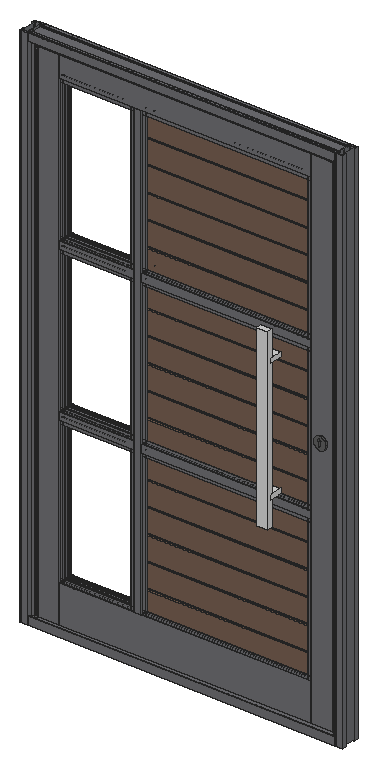
Revit family "Y1321P Y6 CH K LH", category Doors, host Wall, Revit 2024
Family settings
  Host = Wall
  OmniClass Number = 23.30.10.00
  OmniClass Title = Doors
  Always vertical = Yes
  Cut with Voids When Loaded = No
  Shared = No
  Room Calculation Point = No
Parameters
  Function = Interior
  Frame Projection Ext. = 25 mm
  Frame Projection Int. = 25 mm
  Frame Width = 75 mm
  Height = 2120 mm
  Wall Closure = By host
  Width = 1290 mm
  Analytic Construction = "<None>"
Reference planes
  plane 1: y = 0
  plane 2 "Center (Left/Right)": x = 0
  plane 3 "Left": x = -645
  plane 4 "Right": x = 645
  plane 5: z = 2120
  plane 6 "Exterior": y = 75
  plane 7 "Interior": y = -75
Forms (mm)
  Sweep 1, solid, material "ALUMINIUM CHAR (TEST)"
    path origin (0, 75, 0) x (-1, 0, 0) y (0, 0, -1)
      loop
        line (-601.2, -30) -> (-601.2, -2075) -> (600, -2075) -> (600, -30)
    profile origin (0.6, 75, 2075) x (0, 0, -1) y (0, -1, 0)
      loop
        line (-15, 55) -> (-15, 53) -> (0.5, 53)
        arc (0.5, 53) -> (1.207, 53.293) -> (1.5, 54) r 1
        line (1.5, 54) -> (1.5, 56.1) -> (0.5, 56.1) -> (0.5, 55) -> (-1, 55) -> (-1, 59.5) -> (0.5, 59.5) -> (0.5, 58.369) -> (1.5, 58.369) -> (1.5, 91.631) -> (0.5, 91.631) -> (0.5, 90.5) -> (-1, 90.5) -> (-1, 95) -> (0.5, 95) -> (0.5, 93.9) -> (1.5, 93.9) -> (1.5, 96)
        arc (1.5, 96) -> (1.207, 96.707) -> (0.5, 97) r 1
        line (0.5, 97) -> (-15, 97) -> (-15, 95) -> (-2.8, 95) -> (-2.8, 88.5) -> (-0.5, 88.5) -> (-0.5, 61.5) -> (-2.8, 61.5) -> (-2.8, 55) -> (-15, 55)
  Extrusion 2, solid, material "ALUMINIUM CHAR (TEST)"
    sketch origin (0, 0, 0) x (0, 1, 0) y (0, 0, -1)
      loop
        line (37.5, -2120) -> (37.5, -2090) -> (7.651, -2090) -> (-4.189, -2090) -> (-37.5, -2090) -> (-37.5, -2120) -> (-22, -2120) -> (-22, -2118.5) -> (-24.5, -2118.5) -> (-24.5, -2115.5) -> (24.5, -2115.5) -> (24.5, -2118.5) -> (22, -2118.5) -> (22, -2120) -> (37.5, -2120)
      loop
        line (32.168, -2118.2) -> (35.6, -2118.2) -> (35.6, -2091.8) -> (32.168, -2091.8) -> (30.896, -2093.072) -> (29.5, -2091.676) -> (28, -2093.176) -> (26.624, -2091.8) -> (-19.438, -2091.8) -> (-26.624, -2091.8) -> (-28, -2093.176) -> (-29.5, -2091.676) -> (-30.896, -2093.072) -> (-32.168, -2091.8) -> (-35.6, -2091.8) -> (-35.6, -2118.2) -> (-32.168, -2118.2) -> (-30.896, -2116.928) -> (-29.5, -2118.324) -> (-28, -2116.824) -> (-26.3, -2118.524) -> (-26.3, -2115.8)
        arc (-26.3, -2115.8) -> (-25.685, -2114.315) -> (-24.2, -2113.7) r 2.1
        line (-24.2, -2113.7) -> (24.2, -2113.7)
        arc (24.2, -2113.7) -> (25.685, -2114.315) -> (26.3, -2115.8) r 2.1
        line (26.3, -2115.8) -> (26.3, -2118.524) -> (28, -2116.824) -> (29.5, -2118.324) -> (30.896, -2116.928) -> (32.168, -2118.2)
      loop
        line (37.5, 0) -> (22, 0) -> (22, -1.5) -> (24.5, -1.5) -> (24.5, -4.5) -> (-24.5, -4.5) -> (-24.5, -1.5) -> (-22, -1.5) -> (-22, 0) -> (-37.5, 0) -> (-37.5, -30) -> (-4.189, -30) -> (7.651, -30) -> (37.5, -30) -> (37.5, 0)
      loop
        line (32.168, -1.8) -> (30.896, -3.072) -> (29.5, -1.676) -> (28, -3.176) -> (26.3, -1.476) -> (26.3, -4.2)
        arc (26.3, -4.2) -> (25.685, -5.685) -> (24.2, -6.3) r 2.1
        line (24.2, -6.3) -> (-24.2, -6.3)
        arc (-24.2, -6.3) -> (-25.685, -5.685) -> (-26.3, -4.2) r 2.1
        line (-26.3, -4.2) -> (-26.3, -1.476) -> (-28, -3.176) -> (-29.5, -1.676) -> (-30.896, -3.072) -> (-32.168, -1.8) -> (-35.6, -1.8) -> (-35.6, -28.2) -> (-32.168, -28.2) -> (-30.896, -26.928) -> (-29.5, -28.324) -> (-28, -26.824) -> (-26.624, -28.2) -> (-19.438, -28.2) -> (26.624, -28.2) -> (28, -26.824) -> (29.5, -28.324) -> (30.896, -26.928) -> (32.168, -28.2) -> (35.6, -28.2) -> (35.6, -1.8) -> (32.168, -1.8)
    from -615 to 615
  Extrusion 3, solid, material "ALUMINIUM CHAR (TEST)"
    sketch origin (0, 0, 30) x (-1, 0, 0) y (0, -1, 0)
      loop
        line (598.5, -21) -> (598.5, 23.179)
        arc (598.5, 23.179) -> (598.26, 23.76) -> (597.679, 24) r 0.821
        line (597.679, 24) -> (584.5, 24)
        arc (584.5, 24) -> (583.5, 23) -> (584.5, 22) r 1
        line (584.5, 22) -> (595.679, 22)
        arc (595.679, 22) -> (596.26, 21.76) -> (596.5, 21.179) r 0.821
        line (596.5, 21.179) -> (596.5, -21)
        arc (596.5, -21) -> (597.5, -22) -> (598.5, -21) r 1
      loop
        line (-599.7, 21) -> (-599.7, -23.179)
        arc (-599.7, -23.179) -> (-599.459, -23.76) -> (-598.879, -24) r 0.821
        line (-598.879, -24) -> (-585.7, -24)
        arc (-585.7, -24) -> (-584.7, -23) -> (-585.7, -22) r 1
        line (-585.7, -22) -> (-596.879, -22)
        arc (-596.879, -22) -> (-597.459, -21.76) -> (-597.7, -21.179) r 0.821
        line (-597.7, -21.179) -> (-597.7, 21)
        arc (-597.7, 21) -> (-598.7, 22) -> (-599.7, 21) r 1
    from 0 to 2043.5
  Extrusion 4, solid, material "ALUMINIUM CHAR (TEST)"
    sketch origin (0, 0, 0) x (0, -1, 0) y (-1, 0, 0)
      loop
        line (-37.5, -645) -> (-22, -645) -> (-22, -643.5) -> (-24.5, -643.5) -> (-24.5, -640.5) -> (24.5, -640.5) -> (24.5, -643.5) -> (22, -643.5) -> (22, -645) -> (37.5, -645) -> (37.5, -615) -> (17, -615) -> (17, -615.993) -> (18.496, -616.394) -> (18.496, -617.6) -> (0.254, -617.6) -> (0.254, -616.306) -> (3, -616.066) -> (3, -615) -> (-37.5, -615) -> (-37.5, -645)
      loop
        line (-26.624, -616.8) -> (-28, -618.176) -> (-29.5, -616.676) -> (-30.896, -618.072) -> (-32.168, -616.8) -> (-35.6, -616.8) -> (-35.6, -643.2) -> (-32.168, -643.2) -> (-30.896, -641.928) -> (-29.5, -643.324) -> (-28, -641.824) -> (-26.3, -643.524) -> (-26.3, -640.8)
        arc (-26.3, -640.8) -> (-25.685, -639.315) -> (-24.2, -638.7) r 2.1
        line (-24.2, -638.7) -> (24.2, -638.7)
        arc (24.2, -638.7) -> (25.685, -639.315) -> (26.3, -640.8) r 2.1
        line (26.3, -640.8) -> (26.3, -643.524) -> (28, -641.824) -> (29.5, -643.324) -> (30.896, -641.928) -> (32.168, -643.2) -> (35.6, -643.2) -> (35.6, -616.8) -> (32.168, -616.8) -> (30.896, -618.072) -> (29.5, -616.676) -> (28, -618.176) -> (26.624, -616.8) -> (20.239, -616.8)
        arc (20.239, -616.8) -> (19.852, -618.596) -> (18.2, -619.4) r 2.1
        line (18.2, -619.4) -> (0.55, -619.4)
        arc (0.55, -619.4) -> (-1.102, -618.596) -> (-1.49, -616.8) r 2.1
        line (-1.49, -616.8) -> (-26.624, -616.8)
      loop
        line (-37.5, 645) -> (-37.5, 615) -> (3, 615) -> (3, 616.066) -> (0.254, 616.306) -> (0.254, 617.6) -> (18.496, 617.6) -> (18.496, 616.394) -> (17, 615.993) -> (17, 615) -> (37.5, 615) -> (37.5, 645) -> (22, 645) -> (22, 643.5) -> (24.5, 643.5) -> (24.5, 640.5) -> (-24.5, 640.5) -> (-24.5, 643.5) -> (-22, 643.5) -> (-22, 645) -> (-37.5, 645)
      loop
        line (-26.624, 616.8) -> (-1.49, 616.8)
        arc (-1.49, 616.8) -> (-1.102, 618.596) -> (0.55, 619.4) r 2.1
        line (0.55, 619.4) -> (18.2, 619.4)
        arc (18.2, 619.4) -> (19.852, 618.596) -> (20.239, 616.8) r 2.1
        line (20.239, 616.8) -> (26.624, 616.8) -> (28, 618.176) -> (29.5, 616.676) -> (30.896, 618.072) -> (32.168, 616.8) -> (35.6, 616.8) -> (35.6, 643.2) -> (32.168, 643.2) -> (30.896, 641.928) -> (29.5, 643.324) -> (28, 641.824) -> (26.3, 643.524) -> (26.3, 640.8)
        arc (26.3, 640.8) -> (25.685, 639.315) -> (24.2, 638.7) r 2.1
        line (24.2, 638.7) -> (-24.2, 638.7)
        arc (-24.2, 638.7) -> (-25.685, 639.315) -> (-26.3, 640.8) r 2.1
        line (-26.3, 640.8) -> (-26.3, 643.524) -> (-28, 641.824) -> (-29.5, 643.324) -> (-30.896, 641.928) -> (-32.168, 643.2) -> (-35.6, 643.2) -> (-35.6, 616.8) -> (-32.168, 616.8) -> (-30.896, 618.072) -> (-29.5, 616.676) -> (-28, 618.176) -> (-26.624, 616.8)
    from -2120 to 0
  Extrusion 5, solid, material "ALUMINIUM CHAR (TEST)"
    sketch origin (0, 0, -6.5) x (1, 0, 0) y (0, 1, 0)
      loop
        line (503.5, 22) -> (503.5, 12) -> (504.475, 12) -> (504.606, 13.5) -> (506.1, 13.5) -> (506.1, 6.618) -> (506.1, -5) -> (504.737, -5) -> (504.475, -2) -> (503.5, -2) -> (503.5, -15.2) -> (492.893, -15.2) -> (492.2, -15.6) -> (489.7, -15.6) -> (489.7, -14) -> (488.5, -14) -> (488.5, -17) -> (503.5, -17) -> (503.5, -22) -> (591.7, -22)
        arc (591.7, -22) -> (592.973, -21.473) -> (593.5, -20.2) r 1.8
        line (593.5, -20.2) -> (593.5, -19.4)
        arc (593.5, -19.4) -> (593, -18.9) -> (592.5, -19.4) r 0.5
        line (592.5, -19.4) -> (592.5, -20.4) -> (591, -20.4) -> (591, -12.8) -> (592.5, -12.8) -> (592.5, -13.8)
        arc (592.5, -13.8) -> (593, -14.3) -> (593.5, -13.8) r 0.5
        line (593.5, -13.8) -> (593.5, 13.8)
        arc (593.5, 13.8) -> (593, 14.3) -> (592.5, 13.8) r 0.5
        line (592.5, 13.8) -> (592.5, 12.8) -> (591, 12.8) -> (591, 20.4) -> (592.5, 20.4) -> (592.5, 19.4)
        arc (592.5, 19.4) -> (593, 18.9) -> (593.5, 19.4) r 0.5
        line (593.5, 19.4) -> (593.5, 20.2)
        arc (593.5, 20.2) -> (592.973, 21.473) -> (591.7, 22) r 1.8
        line (591.7, 22) -> (503.5, 22)
      loop
        line (589.2, 20.2) -> (505.3, 20.2) -> (505.3, 15.3) -> (506.5, 15.3)
        arc (506.5, 15.3) -> (507.49, 14.89) -> (507.9, 13.9) r 1.4
        line (507.9, 13.9) -> (507.9, -5.4)
        arc (507.9, -5.4) -> (507.49, -6.39) -> (506.5, -6.8) r 1.4
        line (506.5, -6.8) -> (505.3, -6.8) -> (505.3, -17.092) -> (505.3, -20.2) -> (589.2, -20.2) -> (589.2, -12.2)
        arc (589.2, -12.2) -> (589.493, -11.493) -> (590.2, -11.2) r 1
        line (590.2, -11.2) -> (591.5, -11.2) -> (591.5, 11.2) -> (590.2, 11.2)
        arc (590.2, 11.2) -> (589.493, 11.493) -> (589.2, 12.2) r 1
        line (589.2, 12.2) -> (589.2, 20.2)
      loop
        line (-503.5, 22) -> (-591.7, 22)
        arc (-591.7, 22) -> (-592.973, 21.473) -> (-593.5, 20.2) r 1.8
        line (-593.5, 20.2) -> (-593.5, 19.4)
        arc (-593.5, 19.4) -> (-593, 18.9) -> (-592.5, 19.4) r 0.5
        line (-592.5, 19.4) -> (-592.5, 20.4) -> (-591, 20.4) -> (-591, 12.8) -> (-592.5, 12.8) -> (-592.5, 13.8)
        arc (-592.5, 13.8) -> (-593, 14.3) -> (-593.5, 13.8) r 0.5
        line (-593.5, 13.8) -> (-593.5, -13.8)
        arc (-593.5, -13.8) -> (-593, -14.3) -> (-592.5, -13.8) r 0.5
        line (-592.5, -13.8) -> (-592.5, -12.8) -> (-591, -12.8) -> (-591, -20.4) -> (-592.5, -20.4) -> (-592.5, -19.4)
        arc (-592.5, -19.4) -> (-593, -18.9) -> (-593.5, -19.4) r 0.5
        line (-593.5, -19.4) -> (-593.5, -20.2)
        arc (-593.5, -20.2) -> (-592.973, -21.473) -> (-591.7, -22) r 1.8
        line (-591.7, -22) -> (-503.5, -22) -> (-503.5, -17) -> (-488.5, -17) -> (-488.5, -14) -> (-489.7, -14) -> (-489.7, -15.6) -> (-492.2, -15.6) -> (-492.893, -15.2) -> (-503.5, -15.2) -> (-503.5, -2) -> (-504.475, -2) -> (-504.737, -5) -> (-506.1, -5) -> (-506.1, 7.077) -> (-506.1, 13.5) -> (-504.606, 13.5) -> (-504.475, 12) -> (-503.5, 12) -> (-503.5, 22)
      loop
        line (-589.2, 20.2) -> (-589.2, 12.2)
        arc (-589.2, 12.2) -> (-589.493, 11.493) -> (-590.2, 11.2) r 1
        line (-590.2, 11.2) -> (-591.5, 11.2) -> (-591.5, -11.2) -> (-590.2, -11.2)
        arc (-590.2, -11.2) -> (-589.493, -11.493) -> (-589.2, -12.2) r 1
        line (-589.2, -12.2) -> (-589.2, -20.2) -> (-505.3, -20.2) -> (-505.3, -17.092) -> (-505.3, -6.8) -> (-506.5, -6.8)
        arc (-506.5, -6.8) -> (-507.49, -6.39) -> (-507.9, -5.4) r 1.4
        line (-507.9, -5.4) -> (-507.9, 13.9)
        arc (-507.9, 13.9) -> (-507.49, 14.89) -> (-506.5, 15.3) r 1.4
        line (-506.5, 15.3) -> (-505.3, 15.3) -> (-505.3, 20.2) -> (-589.2, 20.2)
    from 40 to 2080
  Sweep 6, solid, material "ALUMINIUM CHAR (TEST)"
    path origin (0, 75, -6.5) x (1, 0, 0) y (0, 0, 1)
      loop
        line (503.5, 1996.1) -> (-173.5, 1996.1) -> (-173.5, 1413.6) -> (503.5, 1413.6) -> (503.5, 1996.1)
    profile origin (165, 75, 1989.6) x (0, 0, -1) y (0, -1, 0)
      loop
        arc (0, 53.6) -> (0.176, 53.176) -> (0.6, 53) r 0.6
        line (0.6, 53) -> (14.8, 53)
        arc (14.8, 53) -> (15.224, 53.176) -> (15.4, 53.6) r 0.6
        line (15.4, 53.6) -> (15.4, 57.5)
        arc (15.4, 57.5) -> (14.9, 58) -> (14.4, 57.5) r 0.5
        line (14.4, 57.5) -> (14.4, 55) -> (13, 55) -> (12.4, 58) -> (10.4, 58) -> (10.4, 57) -> (11.4, 57) -> (11.8, 55) -> (7.5, 55) -> (7.9, 57) -> (8.9, 57) -> (8.9, 58) -> (6.9, 58) -> (6.3, 55) -> (1.9, 55) -> (1.9, 65) -> (-0.6, 65) -> (-0.6, 75.5) -> (-1.6, 75.5) -> (-1.6, 79)
        arc (-1.6, 79) -> (-2.1, 79.5) -> (-2.6, 79) r 0.5
        line (-2.6, 79) -> (-2.6, 63)
        arc (-2.6, 63) -> (-1.85, 62.492) -> (-1.1, 63) r 0.808
        line (-1.1, 63) -> (0, 63) -> (0, 53.6)
  Extrusion 7, solid, material "ALUMINIUM BLACK (TEST)"
    sketch origin (-350.722, 27.873, -83.123) x (-1, 0, 0) y (0, 0, -1)
      loop
        circle (-896.954, -1135.623) r 25
    from 0 to 5
  Extrusion 8, solid, material "ALUMINIUM BLACK (TEST)"
    sketch origin (-350.722, -27.873, -83.123) x (-1, 0, 0) y (0, 0, 1)
      loop
        circle (-896.954, 1135.623) r 25
    from 0 to 5
  Extrusion 9, void
    sketch origin (-85.5, 67.873, -83.123) x (-1, 0, 0) y (0, 0, -1)
      loop
        line (-634.732, -1122.18) -> (-634.732, -1136.773)
        arc (-634.732, -1136.773) -> (-631.732, -1150.865) -> (-628.732, -1136.773) r 7.365
        line (-628.732, -1136.773) -> (-628.732, -1122.18)
        arc (-628.732, -1122.18) -> (-631.732, -1119.18) -> (-634.732, -1122.18) r 3
    from 40 to 45
  Extrusion 10, void
    sketch origin (-85.5, -67.873, -83.123) x (-1, 0, 0) y (0, 0, 1)
      loop
        arc (-634.732, 1122.18) -> (-631.732, 1119.18) -> (-628.732, 1122.18) r 3
        line (-628.732, 1122.18) -> (-628.732, 1136.773)
        arc (-628.732, 1136.773) -> (-631.732, 1150.865) -> (-634.732, 1136.773) r 7.365
        line (-634.732, 1136.773) -> (-634.732, 1122.18)
    from 40 to 45
  Extrusion 11, solid, material "COOL BRONZE GLASS"
    sketch origin (0, 9.8, -6.5) x (1, 0, 0) y (0, 0, 1)
      loop
        line (-203.5, 1995) -> (-503.5, 1995) -> (-503.5, 1413.6) -> (-203.5, 1413.6) -> (-203.5, 1995)
    from 0 to 6.4
  Extrusion 12, solid, material "ALUMINIUM CHAR (TEST)"
    sketch origin (0, 0, -6.5) x (0, 1, 0) y (0, 0, 1)
      loop
        line (20.25, 77.453) -> (20.25, 172.747) -> (19.7, 173.7) -> (19.7, 176.7) -> (20.25, 177.653) -> (20.25, 188.2) -> (15.3, 188.2) -> (15.3, 185.6) -> (-6.55, 185.6) -> (-6.55, 188.2) -> (-20.25, 188.2) -> (-20.25, 177.653) -> (-19.7, 176.7) -> (-19.7, 173.7) -> (-20.25, 172.747) -> (-20.25, 77.453) -> (-19.7, 76.5) -> (-19.7, 73.5) -> (-20.25, 72.547) -> (-20.25, 61.8) -> (20.25, 61.8) -> (20.25, 72.547) -> (19.7, 73.5) -> (19.7, 76.5) -> (20.25, 77.453)
      loop
        line (19.7, 60) -> (19.7, 57) -> (20.25, 56.047) -> (20.25, 43.6) -> (17.1, 43.6) -> (17.1, 42) -> (20.2, 42) -> (20.2, 40) -> (22, 40) -> (22, 190) -> (12, 190) -> (12, 189.007) -> (13.5, 188.605) -> (13.5, 187.4) -> (-4.75, 187.4) -> (-4.75, 188.693) -> (-2, 188.934) -> (-2, 190) -> (-15.2, 190) -> (-15.2, 200.607) -> (-15.6, 201.3) -> (-15.6, 203.8) -> (-14, 203.8) -> (-14, 205) -> (-17, 205) -> (-17, 190) -> (-22, 190) -> (-22, 40) -> (-20.2, 40) -> (-20.2, 42) -> (-17.1, 42) -> (-17.1, 43.6) -> (-20.25, 43.6) -> (-20.25, 56.047) -> (-19.7, 57) -> (-19.7, 60) -> (19.7, 60)
      loop
        line (-22, 2080) -> (-22, 1995) -> (-17, 1995) -> (-17, 1980) -> (-14, 1980) -> (-14, 1981.2) -> (-15.6, 1981.2) -> (-15.6, 1983.7) -> (-15.2, 1984.393) -> (-15.2, 1995) -> (-2, 1995) -> (-2, 1996.066) -> (-4.75, 1996.307) -> (-4.75, 1997.6) -> (13.5, 1997.6) -> (13.5, 1996.395) -> (12, 1995.993) -> (12, 1995) -> (22, 1995) -> (22, 2080) -> (20.2, 2080) -> (20.2, 2078) -> (17.1, 2078) -> (17.1, 2076.4) -> (20.25, 2076.4) -> (20.25, 2063.953) -> (19.7, 2063) -> (19.7, 2060) -> (-19.7, 2060) -> (-19.7, 2063) -> (-20.25, 2063.953) -> (-20.25, 2076.4) -> (-17.1, 2076.4) -> (-17.1, 2078) -> (-20.2, 2078) -> (-20.2, 2080) -> (-22, 2080)
      loop
        line (-20.25, 2042.547) -> (-20.25, 2012.253) -> (-19.7, 2011.3) -> (-19.7, 2008.3) -> (-20.25, 2007.347) -> (-20.25, 1996.8) -> (-6.55, 1996.8) -> (-6.55, 1999.4) -> (15.3, 1999.4) -> (15.3, 1996.8) -> (20.25, 1996.8) -> (20.25, 2007.347) -> (19.7, 2008.3) -> (19.7, 2011.3) -> (20.25, 2012.253) -> (20.25, 2042.547) -> (19.7, 2043.5) -> (19.7, 2046.5) -> (20.25, 2047.453) -> (20.25, 2058.2) -> (-20.25, 2058.2) -> (-20.25, 2047.453) -> (-19.7, 2046.5) -> (-19.7, 2043.5) -> (-20.25, 2042.547)
    from -503.5 to 503.5
  Extrusion 13, solid, material "Stainless Steel Lever Handle"
    sketch origin (-503.242, -71.398, 705) x (-1, 0, 0) y (0, -1, 0)
      loop
        line (-878.538, -126.398) -> (-878.538, -146.398) -> (-838.538, -146.398) -> (-838.538, -126.398) -> (-878.538, -126.398)
    from 0 to 710
  Extrusion 14, solid, material "Stainless Steel Lever Handle"
    sketch origin (-503.242, 60, -375) x (-1, 0, 0) y (0, 0, -1)
      loop
        line (-878.538, -1690) -> (-838.538, -1690) -> (-838.538, -1670) -> (-878.538, -1670) -> (-878.538, -1690)
      loop
        line (-878.538, -1180) -> (-878.538, -1200) -> (-838.538, -1200) -> (-838.538, -1180) -> (-878.538, -1180)
    from 0 to 50
  Extrusion 15, solid, material "Stainless Steel Lever Handle"
    sketch origin (-503.242, 69.398, 705) x (-1, 0, 0) y (0, -1, 0)
      loop
        line (-878.538, 126.398) -> (-838.538, 126.398) -> (-838.538, 146.398) -> (-878.538, 146.398) -> (-878.538, 126.398)
    from 0 to 710
  Extrusion 16, solid, material "Stainless Steel Lever Handle"
    sketch origin (-503.242, -62, -375) x (-1, 0, 0) y (0, 0, 1)
      loop
        line (-878.538, 1690) -> (-878.538, 1670) -> (-838.538, 1670) -> (-838.538, 1690) -> (-878.538, 1690)
      loop
        line (-878.538, 1180) -> (-838.538, 1180) -> (-838.538, 1200) -> (-878.538, 1200) -> (-878.538, 1180)
    from 0 to 50
  Extrusion 17, solid, material "ALUMINIUM CHAR (TEST)"
    sketch origin (3062.501, 0, -4084.533) x (0, -1, 0) y (0, 0, -1)
      loop
        line (22, -5461.633) -> (17, -5461.633) -> (17, -5446.633) -> (14, -5446.633) -> (14, -5447.833) -> (15.6, -5447.833) -> (15.6, -5450.041) -> (15.2, -5450.733) -> (15.2, -5461.633) -> (2, -5461.633) -> (2, -5462.608) -> (5, -5462.871) -> (5, -5464.233) -> (-13.5, -5464.233) -> (-13.5, -5462.739) -> (-12, -5462.608) -> (-12, -5461.633) -> (-22, -5461.633) -> (-22, -5491.633) -> (-12, -5491.633) -> (-12, -5490.658) -> (-13.5, -5490.527) -> (-13.5, -5489.033) -> (5, -5489.033) -> (5, -5490.396) -> (2, -5490.658) -> (2, -5491.633) -> (15.2, -5491.633) -> (15.2, -5502.241) -> (15.6, -5502.933) -> (15.6, -5505.433) -> (14, -5505.433) -> (14, -5506.633) -> (17, -5506.633) -> (17, -5491.633) -> (22, -5491.633) -> (22, -5461.633)
      loop
        line (20.2, -5489.833) -> (20.2, -5463.433) -> (16.581, -5463.433) -> (6.8, -5463.433) -> (6.8, -5464.633)
        arc (6.8, -5464.633) -> (6.39, -5465.623) -> (5.4, -5466.033) r 1.4
        line (5.4, -5466.033) -> (-13.9, -5466.033)
        arc (-13.9, -5466.033) -> (-14.89, -5465.623) -> (-15.3, -5464.633) r 1.4
        line (-15.3, -5464.633) -> (-15.3, -5463.433) -> (-20.2, -5463.433) -> (-20.2, -5489.833) -> (-15.3, -5489.833) -> (-15.3, -5488.633)
        arc (-15.3, -5488.633) -> (-14.89, -5487.643) -> (-13.9, -5487.233) r 1.4
        line (-13.9, -5487.233) -> (5.4, -5487.233)
        arc (5.4, -5487.233) -> (6.39, -5487.643) -> (6.8, -5488.633) r 1.4
        line (6.8, -5488.633) -> (6.8, -5489.833) -> (20.2, -5489.833)
      loop
        line (22, -4849.433) -> (17, -4849.433) -> (17, -4834.433) -> (14, -4834.433) -> (14, -4835.633) -> (15.6, -4835.633) -> (15.6, -4837.841) -> (15.2, -4838.533) -> (15.2, -4849.433) -> (2, -4849.433) -> (2, -4850.408) -> (5, -4850.671) -> (5, -4852.033) -> (-13.5, -4852.033) -> (-13.5, -4850.539) -> (-12, -4850.408) -> (-12, -4849.433) -> (-22, -4849.433) -> (-22, -4879.433) -> (-12, -4879.433) -> (-12, -4878.458) -> (-13.5, -4878.327) -> (-13.5, -4876.833) -> (5, -4876.833) -> (5, -4878.196) -> (2, -4878.458) -> (2, -4879.433) -> (15.2, -4879.433) -> (15.2, -4890.041) -> (15.6, -4890.733) -> (15.6, -4893.233) -> (14, -4893.233) -> (14, -4894.433) -> (17, -4894.433) -> (17, -4879.433) -> (22, -4879.433) -> (22, -4849.433)
      loop
        line (20.2, -4877.633) -> (20.2, -4851.233) -> (16.581, -4851.233) -> (6.8, -4851.233) -> (6.8, -4852.433)
        arc (6.8, -4852.433) -> (6.39, -4853.423) -> (5.4, -4853.833) r 1.4
        line (5.4, -4853.833) -> (-13.9, -4853.833)
        arc (-13.9, -4853.833) -> (-14.89, -4853.423) -> (-15.3, -4852.433) r 1.4
        line (-15.3, -4852.433) -> (-15.3, -4851.233) -> (-20.2, -4851.233) -> (-20.2, -4877.633) -> (-15.3, -4877.633) -> (-15.3, -4876.433)
        arc (-15.3, -4876.433) -> (-14.89, -4875.443) -> (-13.9, -4875.033) r 1.4
        line (-13.9, -4875.033) -> (5.4, -4875.033)
        arc (5.4, -4875.033) -> (6.39, -4875.443) -> (6.8, -4876.433) r 1.4
        line (6.8, -4876.433) -> (6.8, -4877.633) -> (20.2, -4877.633)
    from -3566.001 to -3266.001
  Extrusion 18, solid, material "ALUMINIUM CHAR (TEST)"
    sketch origin (3392.509, 0, -4084.533) x (0, -1, 0) y (0, 0, -1)
      loop
        line (22, -5461.633) -> (17, -5461.633) -> (17, -5446.633) -> (14, -5446.633) -> (14, -5447.833) -> (15.6, -5447.833) -> (15.6, -5450.041) -> (15.2, -5450.733) -> (15.2, -5461.633) -> (2, -5461.633) -> (2, -5462.608) -> (5, -5462.871) -> (5, -5464.233) -> (-13.5, -5464.233) -> (-13.5, -5462.739) -> (-12, -5462.608) -> (-12, -5461.633) -> (-22, -5461.633) -> (-22, -5491.633) -> (-12, -5491.633) -> (-12, -5490.658) -> (-13.5, -5490.527) -> (-13.5, -5489.033) -> (5, -5489.033) -> (5, -5490.396) -> (2, -5490.658) -> (2, -5491.633) -> (15.2, -5491.633) -> (15.2, -5502.241) -> (15.6, -5502.933) -> (15.6, -5505.433) -> (14, -5505.433) -> (14, -5506.633) -> (17, -5506.633) -> (17, -5491.633) -> (22, -5491.633) -> (22, -5461.633)
      loop
        line (20.2, -5489.833) -> (20.2, -5463.433) -> (16.581, -5463.433) -> (6.8, -5463.433) -> (6.8, -5464.633)
        arc (6.8, -5464.633) -> (6.39, -5465.623) -> (5.4, -5466.033) r 1.4
        line (5.4, -5466.033) -> (-13.9, -5466.033)
        arc (-13.9, -5466.033) -> (-14.89, -5465.623) -> (-15.3, -5464.633) r 1.4
        line (-15.3, -5464.633) -> (-15.3, -5463.433) -> (-20.2, -5463.433) -> (-20.2, -5489.833) -> (-15.3, -5489.833) -> (-15.3, -5488.633)
        arc (-15.3, -5488.633) -> (-14.89, -5487.643) -> (-13.9, -5487.233) r 1.4
        line (-13.9, -5487.233) -> (5.4, -5487.233)
        arc (5.4, -5487.233) -> (6.39, -5487.643) -> (6.8, -5488.633) r 1.4
        line (6.8, -5488.633) -> (6.8, -5489.833) -> (20.2, -5489.833)
      loop
        line (22, -4849.433) -> (17, -4849.433) -> (17, -4834.433) -> (14, -4834.433) -> (14, -4835.633) -> (15.6, -4835.633) -> (15.6, -4837.841) -> (15.2, -4838.533) -> (15.2, -4849.433) -> (2, -4849.433) -> (2, -4850.408) -> (5, -4850.671) -> (5, -4852.033) -> (-13.5, -4852.033) -> (-13.5, -4850.539) -> (-12, -4850.408) -> (-12, -4849.433) -> (-22, -4849.433) -> (-22, -4879.433) -> (-12, -4879.433) -> (-12, -4878.458) -> (-13.5, -4878.327) -> (-13.5, -4876.833) -> (5, -4876.833) -> (5, -4878.196) -> (2, -4878.458) -> (2, -4879.433) -> (15.2, -4879.433) -> (15.2, -4890.041) -> (15.6, -4890.733) -> (15.6, -4893.233) -> (14, -4893.233) -> (14, -4894.433) -> (17, -4894.433) -> (17, -4879.433) -> (22, -4879.433) -> (22, -4849.433)
      loop
        line (20.2, -4877.633) -> (20.2, -4851.233) -> (16.581, -4851.233) -> (6.8, -4851.233) -> (6.8, -4852.433)
        arc (6.8, -4852.433) -> (6.39, -4853.423) -> (5.4, -4853.833) r 1.4
        line (5.4, -4853.833) -> (-13.9, -4853.833)
        arc (-13.9, -4853.833) -> (-14.89, -4853.423) -> (-15.3, -4852.433) r 1.4
        line (-15.3, -4852.433) -> (-15.3, -4851.233) -> (-20.2, -4851.233) -> (-20.2, -4877.633) -> (-15.3, -4877.633) -> (-15.3, -4876.433)
        arc (-15.3, -4876.433) -> (-14.89, -4875.443) -> (-13.9, -4875.033) r 1.4
        line (-13.9, -4875.033) -> (5.4, -4875.033)
        arc (5.4, -4875.033) -> (6.39, -4875.443) -> (6.8, -4876.433) r 1.4
        line (6.8, -4876.433) -> (6.8, -4877.633) -> (20.2, -4877.633)
    from -3566.001 to -2889.009
  Extrusion 19, solid, material "ALUMINIUM CHAR (TEST)"
    sketch origin (4903.533, 0, 3177.001) x (0, -1, 0) y (1, 0, 0)
      loop
        line (22, -5077.033) -> (17, -5077.033) -> (17, -5062.033) -> (14, -5062.033) -> (14, -5063.233) -> (15.6, -5063.233) -> (15.6, -5065.441) -> (15.2, -5066.133) -> (15.2, -5077.033) -> (2, -5077.033) -> (2, -5078.008) -> (5, -5078.271) -> (5, -5079.633) -> (-13.5, -5079.633) -> (-13.5, -5078.139) -> (-12, -5078.008) -> (-12, -5077.033) -> (-22, -5077.033) -> (-22, -5107.033) -> (-12, -5107.033) -> (-12, -5106.058) -> (-13.5, -5105.927) -> (-13.5, -5104.433) -> (5, -5104.433) -> (5, -5105.796) -> (2, -5106.058) -> (2, -5107.033) -> (15.2, -5107.033) -> (15.2, -5117.641) -> (15.6, -5118.333) -> (15.6, -5120.833) -> (14, -5120.833) -> (14, -5122.033) -> (17, -5122.033) -> (17, -5107.033) -> (22, -5107.033) -> (22, -5077.033)
      loop
        line (20.2, -5105.233) -> (20.2, -5078.833) -> (16.581, -5078.833) -> (6.8, -5078.833) -> (6.8, -5080.033)
        arc (6.8, -5080.033) -> (6.39, -5081.023) -> (5.4, -5081.433) r 1.4
        line (5.4, -5081.433) -> (-13.9, -5081.433)
        arc (-13.9, -5081.433) -> (-14.89, -5081.023) -> (-15.3, -5080.033) r 1.4
        line (-15.3, -5080.033) -> (-15.3, -5078.833) -> (-20.2, -5078.833) -> (-20.2, -5105.233) -> (-15.3, -5105.233) -> (-15.3, -5104.033)
        arc (-15.3, -5104.033) -> (-14.89, -5103.043) -> (-13.9, -5102.633) r 1.4
        line (-13.9, -5102.633) -> (5.4, -5102.633)
        arc (5.4, -5102.633) -> (6.39, -5103.043) -> (6.8, -5104.033) r 1.4
        line (6.8, -5104.033) -> (6.8, -5105.233) -> (20.2, -5105.233)
    from -2993.501 to -1188.501
  Extrusion 20, solid, material "COOL BRONZE GLASS"
    sketch origin (0, 9.8, -617.9) x (1, 0, 0) y (0, 0, 1)
      loop
        line (-203.5, 1995) -> (-503.5, 1995) -> (-503.5, 1413.6) -> (-203.5, 1413.6) -> (-203.5, 1995)
    from 0 to 6.4
  Extrusion 21, solid, material "COOL BRONZE GLASS"
    sketch origin (0, 9.8, -1230.1) x (1, 0, 0) y (0, 0, 1)
      loop
        line (-203.5, 1995) -> (-503.5, 1995) -> (-503.5, 1413.6) -> (-203.5, 1413.6) -> (-203.5, 1995)
    from 0 to 6.4
  Extrusion 22, solid, material "KIAAT (TEST 1)"
    sketch origin (0, 114.915, 1217.1) x (0, 1, 0) y (0, 0, 1)
      loop
        line (-104.915, 280.4) -> (-112.415, 280.4) -> (-112.415, 288.4) -> (-104.915, 288.4) -> (-104.915, 378.6) -> (-112.415, 378.6) -> (-112.415, 386.6) -> (-104.915, 386.6) -> (-104.915, 476.8) -> (-112.415, 476.8) -> (-112.415, 484.8) -> (-104.915, 484.8) -> (-104.915, 575) -> (-112.415, 575) -> (-112.415, 583) -> (-104.915, 583) -> (-104.915, 673.2) -> (-112.415, 673.2) -> (-112.415, 681.2) -> (-104.915, 681.2) -> (-104.915, 771.4) -> (-126.915, 771.4) -> (-126.915, 681.2) -> (-119.415, 681.2) -> (-119.415, 673.2) -> (-126.915, 673.2) -> (-126.915, 583) -> (-119.415, 583) -> (-119.415, 575) -> (-126.915, 575) -> (-126.915, 484.8) -> (-119.415, 484.8) -> (-119.415, 476.8) -> (-126.915, 476.8) -> (-126.915, 386.6) -> (-119.415, 386.6) -> (-119.415, 378.6) -> (-126.915, 378.6) -> (-126.915, 288.4) -> (-119.415, 288.4) -> (-119.415, 280.4) -> (-126.915, 280.4) -> (-126.915, 190) -> (-104.915, 190) -> (-104.915, 280.4)
    from -173.5 to 503.5
  Extrusion 23, solid, material "KIAAT (TEST 1)"
    sketch origin (0, 114.915, 605.7) x (0, 1, 0) y (0, 0, 1)
      loop
        line (-104.915, 280.4) -> (-112.415, 280.4) -> (-112.415, 288.4) -> (-104.915, 288.4) -> (-104.915, 378.6) -> (-112.415, 378.6) -> (-112.415, 386.6) -> (-104.915, 386.6) -> (-104.915, 476.8) -> (-112.415, 476.8) -> (-112.415, 484.8) -> (-104.915, 484.8) -> (-104.915, 575) -> (-112.415, 575) -> (-112.415, 583) -> (-104.915, 583) -> (-104.915, 673.2) -> (-112.415, 673.2) -> (-112.415, 681.2) -> (-104.915, 681.2) -> (-104.915, 771.4) -> (-126.915, 771.4) -> (-126.915, 681.2) -> (-119.415, 681.2) -> (-119.415, 673.2) -> (-126.915, 673.2) -> (-126.915, 583) -> (-119.415, 583) -> (-119.415, 575) -> (-126.915, 575) -> (-126.915, 484.8) -> (-119.415, 484.8) -> (-119.415, 476.8) -> (-126.915, 476.8) -> (-126.915, 386.6) -> (-119.415, 386.6) -> (-119.415, 378.6) -> (-126.915, 378.6) -> (-126.915, 288.4) -> (-119.415, 288.4) -> (-119.415, 280.4) -> (-126.915, 280.4) -> (-126.915, 190) -> (-104.915, 190) -> (-104.915, 280.4)
    from -173.5 to 503.5
  Extrusion 24, solid, material "KIAAT (TEST 1)"
    sketch origin (0, 114.915, -6.5) x (0, 1, 0) y (0, 0, 1)
      loop
        line (-104.915, 280.4) -> (-112.415, 280.4) -> (-112.415, 288.4) -> (-104.915, 288.4) -> (-104.915, 378.6) -> (-112.415, 378.6) -> (-112.415, 386.6) -> (-104.915, 386.6) -> (-104.915, 476.8) -> (-112.415, 476.8) -> (-112.415, 484.8) -> (-104.915, 484.8) -> (-104.915, 575) -> (-112.415, 575) -> (-112.415, 583) -> (-104.915, 583) -> (-104.915, 673.2) -> (-112.415, 673.2) -> (-112.415, 681.2) -> (-104.915, 681.2) -> (-104.915, 771.4) -> (-126.915, 771.4) -> (-126.915, 681.2) -> (-119.415, 681.2) -> (-119.415, 673.2) -> (-126.915, 673.2) -> (-126.915, 583) -> (-119.415, 583) -> (-119.415, 575) -> (-126.915, 575) -> (-126.915, 484.8) -> (-119.415, 484.8) -> (-119.415, 476.8) -> (-126.915, 476.8) -> (-126.915, 386.6) -> (-119.415, 386.6) -> (-119.415, 378.6) -> (-126.915, 378.6) -> (-126.915, 288.4) -> (-119.415, 288.4) -> (-119.415, 280.4) -> (-126.915, 280.4) -> (-126.915, 190) -> (-104.915, 190) -> (-104.915, 280.4)
    from -173.5 to 503.5
  Sweep 25, solid, material "ALUMINIUM CHAR (TEST)"
    path origin (0, 75, -617.9) x (1, 0, 0) y (0, 0, 1)
      loop
        line (503.5, 1995) -> (-173.5, 1995) -> (-173.5, 1412.8) -> (503.5, 1412.8) -> (503.5, 1995)
    profile origin (165, 75, 1377.1) x (0, 0, -1) y (0, -1, 0)
      loop
        arc (0, 53.6) -> (0.176, 53.176) -> (0.6, 53) r 0.6
        line (0.6, 53) -> (14.8, 53)
        arc (14.8, 53) -> (15.224, 53.176) -> (15.4, 53.6) r 0.6
        line (15.4, 53.6) -> (15.4, 57.5)
        arc (15.4, 57.5) -> (14.9, 58) -> (14.4, 57.5) r 0.5
        line (14.4, 57.5) -> (14.4, 55) -> (13, 55) -> (12.4, 58) -> (10.4, 58) -> (10.4, 57) -> (11.4, 57) -> (11.8, 55) -> (7.5, 55) -> (7.9, 57) -> (8.9, 57) -> (8.9, 58) -> (6.9, 58) -> (6.3, 55) -> (1.9, 55) -> (1.9, 65) -> (-0.6, 65) -> (-0.6, 75.5) -> (-1.6, 75.5) -> (-1.6, 79)
        arc (-1.6, 79) -> (-2.1, 79.5) -> (-2.6, 79) r 0.5
        line (-2.6, 79) -> (-2.6, 63)
        arc (-2.6, 63) -> (-1.85, 62.492) -> (-1.1, 63) r 0.808
        line (-1.1, 63) -> (0, 63) -> (0, 53.6)
  Sweep 26, solid, material "ALUMINIUM CHAR (TEST)"
    path origin (0, 75, -1230.1) x (1, 0, 0) y (0, 0, 1)
      loop
        line (503.5, 1995) -> (-173.5, 1995) -> (-173.5, 1413.6) -> (503.5, 1413.6) -> (503.5, 1995)
    profile origin (165, 75, 764.9) x (0, 0, -1) y (0, -1, 0)
      loop
        arc (0, 53.6) -> (0.176, 53.176) -> (0.6, 53) r 0.6
        line (0.6, 53) -> (14.8, 53)
        arc (14.8, 53) -> (15.224, 53.176) -> (15.4, 53.6) r 0.6
        line (15.4, 53.6) -> (15.4, 57.5)
        arc (15.4, 57.5) -> (14.9, 58) -> (14.4, 57.5) r 0.5
        line (14.4, 57.5) -> (14.4, 55) -> (13, 55) -> (12.4, 58) -> (10.4, 58) -> (10.4, 57) -> (11.4, 57) -> (11.8, 55) -> (7.5, 55) -> (7.9, 57) -> (8.9, 57) -> (8.9, 58) -> (6.9, 58) -> (6.3, 55) -> (1.9, 55) -> (1.9, 65) -> (-0.6, 65) -> (-0.6, 75.5) -> (-1.6, 75.5) -> (-1.6, 79)
        arc (-1.6, 79) -> (-2.1, 79.5) -> (-2.6, 79) r 0.5
        line (-2.6, 79) -> (-2.6, 63)
        arc (-2.6, 63) -> (-1.85, 62.492) -> (-1.1, 63) r 0.808
        line (-1.1, 63) -> (0, 63) -> (0, 53.6)
  Sweep 27, solid, material "ALUMINIUM CHAR (TEST)"
    path origin (-330, 75, -6.5) x (1, 0, 0) y (0, 0, 1)
      loop
        line (126.5, 1996.1) -> (-173.5, 1996.1) -> (-173.5, 1413.6) -> (126.5, 1413.6) -> (126.5, 1996.1)
    profile origin (-353.5, 75, 1989.6) x (0, 0, -1) y (0, -1, 0)
      loop
        arc (0, 53.6) -> (0.176, 53.176) -> (0.6, 53) r 0.6
        line (0.6, 53) -> (14.8, 53)
        arc (14.8, 53) -> (15.224, 53.176) -> (15.4, 53.6) r 0.6
        line (15.4, 53.6) -> (15.4, 57.5)
        arc (15.4, 57.5) -> (14.9, 58) -> (14.4, 57.5) r 0.5
        line (14.4, 57.5) -> (14.4, 55) -> (13, 55) -> (12.4, 58) -> (10.4, 58) -> (10.4, 57) -> (11.4, 57) -> (11.8, 55) -> (7.5, 55) -> (7.9, 57) -> (8.9, 57) -> (8.9, 58) -> (6.9, 58) -> (6.3, 55) -> (1.9, 55) -> (1.9, 65) -> (-0.6, 65) -> (-0.6, 75.5) -> (-1.6, 75.5) -> (-1.6, 79)
        arc (-1.6, 79) -> (-2.1, 79.5) -> (-2.6, 79) r 0.5
        line (-2.6, 79) -> (-2.6, 63)
        arc (-2.6, 63) -> (-1.85, 62.492) -> (-1.1, 63) r 0.808
        line (-1.1, 63) -> (0, 63) -> (0, 53.6)
  Sweep 28, solid, material "ALUMINIUM CHAR (TEST)"
    path origin (-330, 75, -617.9) x (1, 0, 0) y (0, 0, 1)
      loop
        line (126.5, 1995) -> (-173.5, 1995) -> (-173.5, 1412.8) -> (126.5, 1412.8) -> (126.5, 1995)
    profile origin (-353.5, 75, 1377.1) x (0, 0, -1) y (0, -1, 0)
      loop
        arc (0, 53.6) -> (0.176, 53.176) -> (0.6, 53) r 0.6
        line (0.6, 53) -> (14.8, 53)
        arc (14.8, 53) -> (15.224, 53.176) -> (15.4, 53.6) r 0.6
        line (15.4, 53.6) -> (15.4, 57.5)
        arc (15.4, 57.5) -> (14.9, 58) -> (14.4, 57.5) r 0.5
        line (14.4, 57.5) -> (14.4, 55) -> (13, 55) -> (12.4, 58) -> (10.4, 58) -> (10.4, 57) -> (11.4, 57) -> (11.8, 55) -> (7.5, 55) -> (7.9, 57) -> (8.9, 57) -> (8.9, 58) -> (6.9, 58) -> (6.3, 55) -> (1.9, 55) -> (1.9, 65) -> (-0.6, 65) -> (-0.6, 75.5) -> (-1.6, 75.5) -> (-1.6, 79)
        arc (-1.6, 79) -> (-2.1, 79.5) -> (-2.6, 79) r 0.5
        line (-2.6, 79) -> (-2.6, 63)
        arc (-2.6, 63) -> (-1.85, 62.492) -> (-1.1, 63) r 0.808
        line (-1.1, 63) -> (0, 63) -> (0, 53.6)
  Sweep 29, solid, material "ALUMINIUM CHAR (TEST)"
    path origin (-330, 75, -1230.1) x (1, 0, 0) y (0, 0, 1)
      loop
        line (126.5, 1995) -> (-173.5, 1995) -> (-173.5, 1413.079) -> (126.5, 1413.079) -> (126.5, 1995)
    profile origin (-353.5, 75, 764.9) x (0, 0, -1) y (0, -1, 0)
      loop
        arc (0, 53.6) -> (0.176, 53.176) -> (0.6, 53) r 0.6
        line (0.6, 53) -> (14.8, 53)
        arc (14.8, 53) -> (15.224, 53.176) -> (15.4, 53.6) r 0.6
        line (15.4, 53.6) -> (15.4, 57.5)
        arc (15.4, 57.5) -> (14.9, 58) -> (14.4, 57.5) r 0.5
        line (14.4, 57.5) -> (14.4, 55) -> (13, 55) -> (12.4, 58) -> (10.4, 58) -> (10.4, 57) -> (11.4, 57) -> (11.8, 55) -> (7.5, 55) -> (7.9, 57) -> (8.9, 57) -> (8.9, 58) -> (6.9, 58) -> (6.3, 55) -> (1.9, 55) -> (1.9, 65) -> (-0.6, 65) -> (-0.6, 75.5) -> (-1.6, 75.5) -> (-1.6, 79)
        arc (-1.6, 79) -> (-2.1, 79.5) -> (-2.6, 79) r 0.5
        line (-2.6, 79) -> (-2.6, 63)
        arc (-2.6, 63) -> (-1.85, 62.492) -> (-1.1, 63) r 0.808
        line (-1.1, 63) -> (0, 63) -> (0, 53.6)
Cuts and joins
  Extrusion 9 cuts Extrusion 7
  Extrusion 10 cuts Extrusion 8
Lines and regions (mm)
  Opening 1
    outline origin (-5000, 75, 0) x (-1, 0, 0) y (0, 0, 1)
      loop
        line (-5645, 0) -> (-4355, 0) -> (-4355, 2120) -> (-5645, 2120) -> (-5645, 0)
  model lines
    curve 1: line (602.851, 22.5, 0) -> (-602.851, 22.5, 0)
    curve 2: line (603, -13, 0) -> (-603, -13, 0)
    curve 8: line (-300, -22.5, 0) -> (-300, -925.5, 0)
    curve 9: arc (603, -22.5, 0) -> (338.517, -661.017, 0) -> (-300, -925.5, 0) r 903
    curve 10: line (-300, 13, 0) -> (-300, 316, 0)
    curve 11: arc (-300, 316, 0) -> (-514.253, 227.253, 0) -> (-603, 13, 0) r 303
    curve 12: line (-603, 22.5, 0) -> (603, 22.5, 0)
    curve 13: line (-300, 0, 0) -> (-300, 0, 2078)
  symbolic lines, style "Elevation Swing"
    curve 3: line (645, -75, 1060) -> (-300, -75, 2078)
    curve 4: line (645, -75, 1060) -> (-300, -75, 0)
    curve 5: line (-598.5, -75, 1060.342) -> (-300, -75, 2078)
    curve 6: line (-598.5, -75, 1060.342) -> (-300, -75, 0)
  model lines, style "Elevation Swing"
    curve 7: line (-300, 0, 0) -> (-300, 0, 2078)
Text (mm)
  text "Exterior" at (-2295.016, 1099.543, 0), in view "Ref. Level"
  text "Exterior" at (0, 1615.38, 3698.081), in view "Left"
  text "Exterior" at (0, 1036.032, 3874.932), in view "Right"
Dimensions and locks
  equal spacing: plane 3 "Left", plane 2 "Center (Left/Right)", plane 4 "Right"
  "Width": plane 3 "Left" to plane 4 "Right"
  "Height": plane 5 to host wall
  host wall to plane 5 = 2120 mm  (x2)
  locked: plane 6 "Exterior" to host wall
  locked: plane 7 "Interior" to host wall
  plane 3 "Left" to plane 4 "Right" = 1290 mm  (x2)
  aligned and locked: plane 1 to host wall
  aligned and locked: Opening 1 sketch curve to level
Automatic sketch dimensions
  curve 13 to level = 0 mm
  curve 7 to level = 0 mm
  plane 5 to curve 7 = 42 mm
  curve 7 to plane 2 "Center (Left/Right)" = 300 mm
  curve 13 to curve 7 = 0 mm  (x2)
  curve 4 to level = 0 mm
  plane 4 "Right" to curve 4 = 0 mm
  curve 6 to plane 2 "Center (Left/Right)" = 300 mm
  plane 5 to curve 5 = 42 mm
  curve 5 to plane 2 "Center (Left/Right)" = 300 mm
  curve 5 to plane 3 "Left" = 46.5 mm
  level to curve 4 = 1060 mm
  plane 5 to curve 6 = 1059.658 mm
  curve 8 to plane 2 "Center (Left/Right)" = 300 mm
  host wall to curve 10 = 241 mm
  curve 10 to plane 2 "Center (Left/Right)" = 300 mm
  curve 11 to host wall = 13 mm
  host wall to curve 9 = 22.5 mm
  host wall to curve 8 = 850.5 mm
  curve 11 to curve 1 = 0.149 mm
  host wall to curve 2 = 13 mm
  curve 2 to curve 11 = 0 mm
  plane 4 "Right" to curve 1 = 42.149 mm
  curve 2 to curve 9 = 0 mm
  curve 10 to curve 11 = 0 mm
  curve 8 to curve 9 = 0 mm
  curve 12 to plane 3 "Left" = 42 mm
  curve 12 to host wall = 22.5 mm
  plane 4 "Right" to curve 12 = 42 mm
  plane 4 "Right" to Opening 1 sketch curve = 0 mm
  plane 3 "Left" to Opening 1 sketch curve = 0 mm
  Opening 1 sketch curve to plane 5 = 0 mm
  plane 4 "Right" to Sweep 1 sketch curve = 43.8 mm
  Sweep 1 sketch curve to plane 3 "Left" = 45 mm
  plane 5 to Sweep 1 sketch curve = 45 mm
  level to Sweep 1 sketch curve = 30 mm  (x2)
  profile plane to Sweep 1 sketch curve = 15 mm  (x2)
  profile plane to Sweep 1 sketch curve = 2.8 mm  (x2)
  profile plane to Sweep 1 sketch curve = 1 mm  (x2)
  profile plane to Sweep 1 sketch curve = 0.5 mm
  Sweep 1 sketch curve to profile plane = 0.5 mm  (x6)
  Sweep 1 sketch curve to Sweep 1 sketch curve = 1 mm  (x6)
  profile plane to Sweep 1 sketch curve = 53 mm
  Sweep 1 sketch curve to Sweep 1 sketch curve = 1.1 mm  (x2)
  Sweep 1 sketch curve to Sweep 1 sketch curve = 2.269 mm  (x2)
  Sweep 1 sketch curve to Sweep 1 sketch curve = 1.131 mm  (x2)
  Sweep 1 sketch curve to Sweep 1 sketch curve = 2 mm  (x2)
  Sweep 1 sketch curve to Sweep 1 sketch curve = 27 mm
  Sweep 1 sketch curve to Sweep 1 sketch curve = 6.5 mm
  Extrusion 2 sketch curve to level = 0 mm  (x2)
  plane 5 to Extrusion 2 sketch curve = 0 mm  (x2)
  host wall to Extrusion 2 sketch curve = 37.5 mm  (x2)
  Extrusion 2 sketch curve to Extrusion 2 sketch curve = 1.9 mm  (x4)
  Extrusion 2 sketch curve to Extrusion 2 sketch curve = 3.432 mm  (x6)
  plane 5 to Extrusion 2 sketch curve = 3.072 mm  (x2)
  Extrusion 2 sketch curve to Extrusion 2 sketch curve = 1.272 mm  (x12)
  level to Extrusion 2 sketch curve = 3.072 mm  (x2)
  Extrusion 2 sketch curve to Extrusion 2 sketch curve = 1.396 mm  (x8)
  plane 5 to Extrusion 2 sketch curve = 1.676 mm  (x2)
  level to Extrusion 2 sketch curve = 1.676 mm  (x2)
  plane 5 to Extrusion 2 sketch curve = 3.176 mm  (x2)
  Extrusion 2 sketch curve to Extrusion 2 sketch curve = 1.5 mm  (x6)
  level to Extrusion 2 sketch curve = 3.176 mm  (x2)
  Extrusion 2 sketch curve to Extrusion 2 sketch curve = 1.376 mm  (x4)
  Extrusion 2 sketch curve to Extrusion 2 sketch curve = 1.7 mm  (x4)
  Extrusion 2 sketch curve to Extrusion 2 sketch curve = 1.8 mm  (x5)
  Extrusion 2 sketch curve to Extrusion 2 sketch curve = 0.3 mm  (x6)
  Extrusion 2 sketch curve to Extrusion 2 sketch curve = 2.5 mm  (x2)
  Extrusion 2 sketch curve to Extrusion 2 sketch curve = 7.186 mm  (x2)
  host wall to Extrusion 2 sketch curve = 4.189 mm  (x2)
  Extrusion 2 sketch curve to host wall = 7.651 mm  (x2)
  level to Extrusion 2 sketch curve = 1.5 mm  (x2)
  Extrusion 2 sketch curve to host wall = 22 mm  (x2)
  Extrusion 2 sketch curve to Extrusion 2 sketch curve = 2.2 mm  (x2)
  plane 5 to Extrusion 2 sketch curve = 1.476 mm
  level to Extrusion 2 sketch curve = 1.476 mm
  Extrusion 2 sketch curve to Extrusion 2 sketch curve = 18.973 mm  (x2)
  plane 5 to Extrusion 2 sketch curve = 1.5 mm  (x2)
  Extrusion 2 sketch curve to Extrusion 2 sketch curve = 2.7 mm
  Extrusion 2 sketch curve to Extrusion 2 sketch curve = 20.524 mm  (x2)
  Extrusion 2 sketch curve to Extrusion 2 sketch curve = 0.104 mm  (x2)
  Extrusion 2 sketch curve to Extrusion 2 sketch curve = 26.928 mm
  Extrusion 2 sketch curve to Extrusion 2 sketch curve = 1.676 mm  (x2)
  Extrusion 2 sketch curve to Extrusion 2 sketch curve = 0.124 mm  (x2)
  Extrusion 2 sketch curve to Extrusion 2 sketch curve = 3.124 mm
  plane 4 "Right" to Extrusion 3 sketch curve = 45.3 mm
  Extrusion 3 sketch curve to Extrusion 3 sketch curve = 0.821 mm  (x4)
  Extrusion 3 sketch curve to Extrusion 3 sketch curve = 1 mm  (x4)
  Extrusion 3 sketch curve to Extrusion 3 sketch curve = 11.179 mm  (x2)
  host wall to Extrusion 3 sketch curve = 24 mm
  Extrusion 3 sketch curve to plane 3 "Left" = 60.5 mm
  host wall to Extrusion 3 sketch curve = 21 mm
  Extrusion 3 sketch curve to host wall = 21 mm
  Extrusion 3 sketch curve to host wall = 21.179 mm
  Extrusion 4 sketch curve to plane 4 "Right" = 0 mm  (x2)
  Extrusion 4 sketch curve to plane 3 "Left" = 0 mm  (x2)
  Extrusion 4 sketch curve to host wall = 37.5 mm  (x2)
  Extrusion 4 sketch curve to Extrusion 4 sketch curve = 1.9 mm  (x4)
  Extrusion 4 sketch curve to Extrusion 4 sketch curve = 3.432 mm  (x6)
  Extrusion 4 sketch curve to Extrusion 4 sketch curve = 1.272 mm  (x10)
  Extrusion 4 sketch curve to plane 3 "Left" = 3.072 mm  (x2)
  plane 4 "Right" to Extrusion 4 sketch curve = 3.072 mm  (x2)
  plane 4 "Right" to Extrusion 4 sketch curve = 1.676 mm  (x2)
  Extrusion 4 sketch curve to Extrusion 4 sketch curve = 1.396 mm  (x8)
  Extrusion 4 sketch curve to plane 3 "Left" = 1.676 mm  (x2)
  Extrusion 4 sketch curve to Extrusion 4 sketch curve = 1.5 mm  (x7)
  Extrusion 4 sketch curve to plane 3 "Left" = 3.176 mm  (x2)
  plane 4 "Right" to Extrusion 4 sketch curve = 3.176 mm  (x2)
  Extrusion 4 sketch curve to Extrusion 4 sketch curve = 1.376 mm  (x4)
  Extrusion 4 sketch curve to Extrusion 4 sketch curve = 1.7 mm  (x4)
  Extrusion 4 sketch curve to Extrusion 4 sketch curve = 1.8 mm  (x7)
  Extrusion 4 sketch curve to Extrusion 4 sketch curve = 0.3 mm  (x8)
  Extrusion 4 sketch curve to Extrusion 4 sketch curve = 2.5 mm  (x3)
  Extrusion 4 sketch curve to host wall = 1.49 mm  (x2)
  host wall to Extrusion 4 sketch curve = 0.254 mm  (x2)
  Extrusion 4 sketch curve to Extrusion 4 sketch curve = 0.296 mm  (x4)
  Extrusion 4 sketch curve to Extrusion 4 sketch curve = 2.45 mm  (x2)
  Extrusion 4 sketch curve to Extrusion 4 sketch curve = 14 mm  (x2)
  Extrusion 4 sketch curve to Extrusion 4 sketch curve = 1.2 mm  (x2)
  Extrusion 4 sketch curve to Extrusion 4 sketch curve = 1.744 mm  (x2)
  Extrusion 4 sketch curve to plane 3 "Left" = 1.5 mm  (x2)
  host wall to Extrusion 4 sketch curve = 22 mm  (x2)
  plane 4 "Right" to Extrusion 4 sketch curve = 1.5 mm  (x2)
  Extrusion 4 sketch curve to Extrusion 4 sketch curve = 2.2 mm  (x2)
  plane 4 "Right" to Extrusion 4 sketch curve = 1.476 mm
  Extrusion 4 sketch curve to Extrusion 4 sketch curve = 6.385 mm  (x2)
  plane 4 "Right" to Extrusion 4 sketch curve = 1.8 mm
  Extrusion 4 sketch curve to plane 3 "Left" = 1.8 mm
  Extrusion 4 sketch curve to Extrusion 4 sketch curve = 2.7 mm
  Extrusion 4 sketch curve to Extrusion 4 sketch curve = 19.3 mm
  Extrusion 4 sketch curve to Extrusion 4 sketch curve = 20.524 mm
  Extrusion 4 sketch curve to Extrusion 4 sketch curve = 1.224 mm
  Extrusion 4 sketch curve to Extrusion 4 sketch curve = 0.104 mm  (x2)
  Extrusion 4 sketch curve to Extrusion 4 sketch curve = 0.906 mm  (x2)
  Extrusion 4 sketch curve to Extrusion 4 sketch curve = 0.994 mm
  Extrusion 4 sketch curve to Extrusion 4 sketch curve = 1.234 mm
  Extrusion 4 sketch curve to Extrusion 4 sketch curve = 0.401 mm  (x2)
  Extrusion 4 sketch curve to Extrusion 4 sketch curve = 28.5 mm
  Extrusion 4 sketch curve to Extrusion 4 sketch curve = 0 mm
  Extrusion 4 sketch curve to Extrusion 4 sketch curve = 0.993 mm
  Extrusion 4 sketch curve to Extrusion 4 sketch curve = 1.066 mm
  Extrusion 4 sketch curve to Extrusion 4 sketch curve = 0.24 mm
  Extrusion 4 sketch curve to Extrusion 4 sketch curve = 1.676 mm  (x2)
  Extrusion 4 sketch curve to Extrusion 4 sketch curve = 0.124 mm
  Extrusion 4 sketch curve to Extrusion 4 sketch curve = 0.406 mm
  Extrusion 4 sketch curve to Extrusion 4 sketch curve = 3.124 mm
  Extrusion 5 sketch curve to plane 3 "Left" = 51.5 mm
  Extrusion 5 sketch curve to Extrusion 5 sketch curve = 0 mm  (x6)
  Extrusion 5 sketch curve to Extrusion 5 sketch curve = 0.5 mm  (x7)
  Extrusion 5 sketch curve to Extrusion 5 sketch curve = 0.8 mm  (x11)
  Extrusion 5 sketch curve to Extrusion 5 sketch curve = 1 mm  (x6)
  Extrusion 5 sketch curve to Extrusion 5 sketch curve = 0.7 mm  (x3)
  Extrusion 5 sketch curve to Extrusion 5 sketch curve = 1.5 mm  (x4)
  Extrusion 5 sketch curve to Extrusion 5 sketch curve = 1.3 mm  (x2)
  Extrusion 5 sketch curve to Extrusion 5 sketch curve = 1.8 mm  (x11)
  host wall to Extrusion 5 sketch curve = 5.4 mm
  Extrusion 5 sketch curve to Extrusion 5 sketch curve = 81.3 mm
  Extrusion 5 sketch curve to Extrusion 5 sketch curve = 1.4 mm  (x3)
  Extrusion 5 sketch curve to Extrusion 5 sketch curve = 0.4 mm  (x4)
  Extrusion 5 sketch curve to Extrusion 5 sketch curve = 1.2 mm  (x5)
  host wall to Extrusion 5 sketch curve = 5 mm  (x2)
  Extrusion 5 sketch curve to Extrusion 5 sketch curve = 1.363 mm  (x2)
  Extrusion 5 sketch curve to Extrusion 5 sketch curve = 1.494 mm
  Extrusion 5 sketch curve to Extrusion 5 sketch curve = 0.262 mm  (x2)
  Extrusion 5 sketch curve to Extrusion 5 sketch curve = 0.131 mm  (x2)
  Extrusion 5 sketch curve to Extrusion 5 sketch curve = 10.607 mm  (x2)
  Extrusion 5 sketch curve to Extrusion 5 sketch curve = 0.693 mm  (x2)
  Extrusion 5 sketch curve to Extrusion 5 sketch curve = 2.5 mm  (x2)
  host wall to Extrusion 5 sketch curve = 14 mm
  plane 4 "Right" to Extrusion 5 sketch curve = 156.5 mm
  host wall to Extrusion 5 sketch curve = 15.2 mm
  host wall to Extrusion 5 sketch curve = 2 mm  (x2)
  Extrusion 5 sketch curve to Extrusion 5 sketch curve = 0.975 mm  (x2)
  Extrusion 5 sketch curve to host wall = 12 mm
  Extrusion 5 sketch curve to host wall = 13.5 mm
  Extrusion 5 sketch curve to Extrusion 5 sketch curve = 0.563 mm
  Extrusion 5 sketch curve to Extrusion 5 sketch curve = 0.694 mm
  host wall to Extrusion 5 sketch curve = 12.2 mm
  plane 4 "Right" to Extrusion 5 sketch curve = 55.8 mm
  Extrusion 5 sketch curve to host wall = 12.2 mm
  Extrusion 5 sketch curve to Extrusion 5 sketch curve = 1.6 mm  (x2)
  host wall to Extrusion 5 sketch curve = 15.6 mm
  Extrusion 5 sketch curve to Extrusion 5 sketch curve = 10.2 mm
  Extrusion 5 sketch curve to Extrusion 5 sketch curve = 0.092 mm  (x2)
  Extrusion 5 sketch curve to Extrusion 5 sketch curve = 7.2 mm
  host wall to Extrusion 5 sketch curve = 19.4 mm
  Extrusion 5 sketch curve to Extrusion 5 sketch curve = 0.2 mm  (x4)
  Extrusion 5 sketch curve to Extrusion 5 sketch curve = 5.6 mm  (x3)
  Extrusion 5 sketch curve to Extrusion 5 sketch curve = 2.6 mm
  Extrusion 5 sketch curve to Extrusion 5 sketch curve = 0.6 mm  (x4)
  Extrusion 5 sketch curve to Extrusion 5 sketch curve = 5.382 mm
  Extrusion 5 sketch curve to host wall = 7.077 mm
  Extrusion 5 sketch curve to host wall = 11.2 mm
  Extrusion 5 sketch curve to Extrusion 5 sketch curve = 4.923 mm
  Sweep 6 sketch curve to plane 2 "Center (Left/Right)" = 173.5 mm
  plane 4 "Right" to Sweep 6 sketch curve = 141.5 mm
  plane 5 to Sweep 6 sketch curve = 712.9 mm
  plane 5 to Sweep 6 sketch curve = 130.4 mm
  Sweep 6 sketch curve to profile plane = 0 mm
  profile plane to Sweep 6 sketch curve = 0.6 mm
  profile plane to Sweep 6 sketch curve = 1.1 mm
  Sweep 6 sketch curve to Sweep 6 sketch curve = 1 mm  (x7)
  Sweep 6 sketch curve to Sweep 6 sketch curve = 0.75 mm
  Sweep 6 sketch curve to Sweep 6 sketch curve = 0.5 mm  (x2)
  Sweep 6 sketch curve to Sweep 6 sketch curve = 0.6 mm  (x2)
  Sweep 6 sketch curve to profile plane = 1.9 mm
  Sweep 6 sketch curve to Sweep 6 sketch curve = 4.4 mm
  Sweep 6 sketch curve to Sweep 6 sketch curve = 1.2 mm  (x2)
  Sweep 6 sketch curve to Sweep 6 sketch curve = 1.5 mm
  Sweep 6 sketch curve to Sweep 6 sketch curve = 0.4 mm  (x2)
  Sweep 6 sketch curve to Sweep 6 sketch curve = 1.4 mm  (x2)
  profile plane to Sweep 6 sketch curve = 53 mm
  Sweep 6 sketch curve to Sweep 6 sketch curve = 0 mm  (x2)
  Sweep 6 sketch curve to Sweep 6 sketch curve = 2 mm  (x3)
  Sweep 6 sketch curve to Sweep 6 sketch curve = 2.5 mm
  Sweep 6 sketch curve to Sweep 6 sketch curve = 8 mm
  Sweep 6 sketch curve to Sweep 6 sketch curve = 0.3 mm
  Sweep 6 sketch curve to Sweep 6 sketch curve = 10.5 mm
  Sweep 6 sketch curve to Sweep 6 sketch curve = 3.5 mm
  plane 4 "Right" to Extrusion 7 sketch curve = 98.768 mm
  level to Extrusion 7 sketch curve = 1052.5 mm
  plane 4 "Right" to Extrusion 8 sketch curve = 98.768 mm
  level to Extrusion 8 sketch curve = 1052.5 mm
  plane 4 "Right" to Extrusion 9 sketch curve = 95.768 mm
  Extrusion 9 sketch curve to Extrusion 9 sketch curve = 3 mm  (x2)
  plane 5 to Extrusion 9 sketch curve = 1059.623 mm
  Extrusion 9 sketch curve to Extrusion 9 sketch curve = 6.726 mm
  Extrusion 9 sketch curve to Extrusion 9 sketch curve = 14.593 mm
  plane 4 "Right" to Extrusion 10 sketch curve = 95.768 mm
  Extrusion 10 sketch curve to Extrusion 10 sketch curve = 3 mm  (x2)
  level to Extrusion 10 sketch curve = 1039.058 mm
  Extrusion 10 sketch curve to Extrusion 10 sketch curve = 14.593 mm
  Extrusion 10 sketch curve to Extrusion 10 sketch curve = 6.726 mm
  Extrusion 11 sketch curve to plane 3 "Left" = 141.5 mm
  Extrusion 11 sketch curve to plane 2 "Center (Left/Right)" = 203.5 mm
  plane 5 to Extrusion 11 sketch curve = 712.9 mm
  plane 5 to Extrusion 11 sketch curve = 131.5 mm
  host wall to Extrusion 12 sketch curve = 22 mm  (x2)
  Extrusion 12 sketch curve to Extrusion 12 sketch curve = 1.75 mm  (x4)
  host wall to Extrusion 12 sketch curve = 20.25 mm  (x2)
  Extrusion 12 sketch curve to Extrusion 12 sketch curve = 0 mm  (x8)
  Extrusion 12 sketch curve to Extrusion 12 sketch curve = 0.05 mm  (x2)
  Extrusion 12 sketch curve to Extrusion 12 sketch curve = 0.55 mm  (x13)
  Extrusion 12 sketch curve to Extrusion 12 sketch curve = 3.1 mm  (x4)
  Extrusion 12 sketch curve to Extrusion 12 sketch curve = 5 mm
  Extrusion 12 sketch curve to Extrusion 12 sketch curve = 3.25 mm
  Extrusion 12 sketch curve to Extrusion 12 sketch curve = 1.4 mm  (x2)
  Extrusion 12 sketch curve to Extrusion 12 sketch curve = 1.8 mm  (x11)
  Extrusion 12 sketch curve to Extrusion 12 sketch curve = 0.4 mm
  Extrusion 12 sketch curve to Extrusion 12 sketch curve = 1.6 mm  (x6)
  host wall to Extrusion 12 sketch curve = 6.55 mm  (x2)
  host wall to Extrusion 12 sketch curve = 2 mm  (x2)
  Extrusion 12 sketch curve to host wall = 12 mm  (x2)
